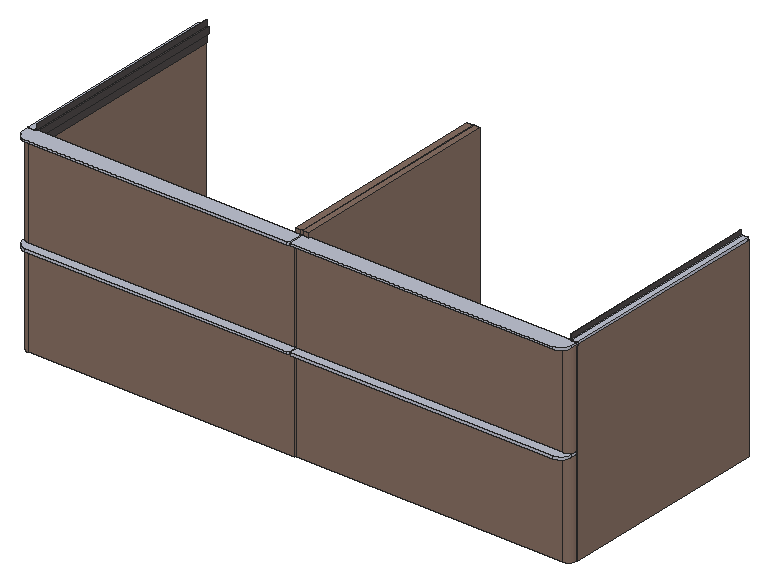
Revit family "vanity unit with 4 drawers for consoles with bowl", category Furniture, Revit 2019 (continued)
Definition of nested family "vanity unit 1360_550 with 4 drawers for consoles with bowl-54088700-natural oak-matt_white-200_content"
  Forms (mm)
    Extrusion 10, solid, visible <- "ContentVisible", detail levels coarse
      sketch origin (0, -285.5, 0) x (1, 0, 0) y (0, 1, 0)
        loop
          line (-680, -285.5) -> (680, -285.5) -> (680, 285.5) -> (-680, 285.5) -> (-680, -285.5)
      from 0 to 496
  Dimensions and locks
    aligned and locked: level to plane 2
Definition of nested family "vanity unit 1360_550 with 4 drawers for consoles with bowl-54088700-natural oak-matt_white-400_content"
  Parameters (values of type "Vanity unit 1360_550 with 4 drawers for consoles with bowl-54088700-Natural Oak-MATT_WHITE-400_Content")
    etim7_EC011381 = "EC011381"
    WEIGHT = "55.8"
    UNSPSC = "56 | Furniture and Furnishings"
    UNIFORMATII = "E2010 | Fixed Furnishings"
    UNICLASS_2015_CODE = "40_30_78_05"
    UNICLASS2015 = "Pr_40_30_78_05 | Bathroom furniture"
    SURFACE = "MATT_WHITE"
    REGIONSET = "Worldwide"
    PRODUCTURL = "https://pro.hansgrohe.com/articledetail--54088000"
    PRODUCTGROUP = "vanity unit"
    PRODUCTFAMILY = "Xelu Q"
    PERMALINK = "54088XXX"
    OMNICLASS = "23-21 19 15 33 13 | Residential Bathroom Specialty Casework"
    OBJECTTYPE = "Object (single object)"
    OBERFLAECHE = "Natural Oak"
    NN = "Vanity Unit with 4 Drawers for consoles with bowl"
    NBSYN = "$BASENUMBER.-$ARTNR.-$OBERFLAECHE.-$SURFACE.-$LODLEVEL."
    NB = "Vanity unit 1360/550 with 4 drawers for consoles with bowl-54088700-Natural Oak-MATT_WHITE-400"
    NAME = "Xelu Q Vanity unit Natural Oak 1360/550 with 4 drawers for consoles with bowl"
    Model = "Vanity unit 1360/550 with 4 drawers for consoles with bowl-54088700-Natural Oak-MATT_WHITE-400"
    Manufacturer = "Hansgrohe"
    MASTERFORMAT = "12 35 30.23 | Bathroom Casework"
    LODLEVEL = "400"
    LINA = "Vanity unit 1360/550 with 4 drawers for consoles with bowl-54088700-Natural Oak-MATT_WHITE-400"
    L = 1360
    IFC = "Furnishing element"
    GTINCODE = "4059625456910"
    ETIM = "EC011381 | Bathroom furniture set"
    Default Elevation = 1219.2 mm
    DESIGN = "Germany"
    ContentVisible [instance] = yes
    CATALOG = "Hansgrohe"
    BIMOBJECT = "Sanitary: Compound units"
    BASENUMBER = "Vanity unit 1360/550 with 4 drawers for consoles with bowl"
    ARTNR = "54088700"
  Reference planes
    plane 1 "Center (Front/Back)": y = 0
    plane 2: z = 0
    plane 3 "Center (Left/Right)": x = 0
  Forms (mm)
    Extrusion 1, solid, visible <- "ContentVisible", detail levels medium+fine
      sketch origin (0, 0, 0) x (1, 0, 0) y (0, 1, 0)
        loop
          line (-680, 0) -> (-680, -527)
          arc (-680, -527) -> (-679.121, -529.121) -> (-677, -530) r 3
          line (-677, -530) -> (-664, -530) -> (-664, 0) -> (-680, 0)
      from 0 to 480
    Extrusion 2, solid, visible <- "ContentVisible", detail levels medium+fine
      sketch origin (0, 0, 0) x (1, 0, 0) y (0, 1, 0)
        loop
          line (-664, -133) -> (-664, -499.5) -> (-16, -499.5) -> (-16, -133) -> (-664, -133)
      from 0 to 16
    Extrusion 3, solid, visible <- "ContentVisible", detail levels medium+fine
      sketch origin (0, 0, 0) x (1, 0, 0) y (0, 1, 0)
        loop
          line (-16, 0) -> (-16, -530) -> (-3, -530)
          arc (-3, -530) -> (-0.879, -529.121) -> (0, -527) r 3
          line (0, -527) -> (0, 0) -> (-16, 0)
      from 0 to 496
    Extrusion 4, solid, visible <- "ContentVisible", detail levels medium+fine
      sketch origin (0, 0, 0) x (1, 0, 0) y (0, 1, 0)
        loop
          line (0, 0) -> (0, -527)
          arc (0, -527) -> (0.879, -529.121) -> (3, -530) r 3
          line (3, -530) -> (16, -530) -> (16, 0) -> (0, 0)
      from 0 to 496
    Extrusion 5, solid, visible <- "ContentVisible", detail levels medium+fine
      sketch origin (0, 0, 0) x (1, 0, 0) y (0, 1, 0)
        loop
          line (16, -499.5) -> (664, -499.5) -> (664, -133) -> (16, -133) -> (16, -499.5)
      from 0 to 16
    Extrusion 6, solid, visible <- "ContentVisible", detail levels medium+fine
      sketch origin (0, 0, 0) x (1, 0, 0) y (0, 1, 0)
        loop
          line (664, 0) -> (664, -530) -> (677, -530)
          arc (677, -530) -> (679.121, -529.121) -> (680, -527) r 3
          line (680, -527) -> (680, 0) -> (664, 0)
      from 0 to 480
    Extrusion 7, solid, visible <- "ContentVisible", detail levels medium+fine
      sketch origin (0, 0, 0) x (1, 0, 0) y (0, 1, 0)
        loop
          line (-664, -117) -> (-664, -133) -> (664, -133) -> (664, -117) -> (-664, -117)
      from 0 to 126
    Extrusion 8, solid, visible <- "ContentVisible", detail levels medium+fine
      sketch origin (0, 0, 2) x (1, 0, 0) y (0, 1, 0)
        loop
          arc (-680, -532) -> (-674.435, -545.435) -> (-661, -551) r 19
          line (-661, -551) -> (-2.5, -551)
          arc (-2.5, -551) -> (-1.793, -550.707) -> (-1.5, -550) r 1
          line (-1.5, -550) -> (-1.5, -530) -> (-680, -530) -> (-680, -532)
      from 0 to 235
    Extrusion 9, solid, visible <- "ContentVisible", detail levels medium+fine
      sketch origin (0, 0, 2) x (1, 0, 0) y (0, 1, 0)
        loop
          arc (1.5, -550) -> (1.793, -550.707) -> (2.5, -551) r 1
          line (2.5, -551) -> (661, -551)
          arc (661, -551) -> (674.435, -545.435) -> (680, -532) r 19
          line (680, -532) -> (680, -530) -> (1.5, -530) -> (1.5, -550)
      from 0 to 235
    Extrusion 10, solid, visible <- "ContentVisible", detail levels medium+fine
      sketch origin (0, 0, 237) x (1, 0, 0) y (0, 1, 0)
        loop
          line (-678.5, -530) -> (-678.5, -546)
          arc (-678.5, -546) -> (-671.178, -563.678) -> (-653.5, -571) r 25
          line (-653.5, -571) -> (-4.5, -571)
          arc (-4.5, -571) -> (-2.379, -570.121) -> (-1.5, -568) r 3
          line (-1.5, -568) -> (-1.5, -528.5) -> (-658.5, -528.5) -> (-658.5, -530) -> (-678.5, -530)
      from 0 to 5
    Extrusion 11, solid, visible <- "ContentVisible", detail levels medium+fine
      sketch origin (0, 0, 237) x (1, 0, 0) y (0, 1, 0)
        loop
          arc (1.5, -568) -> (2.379, -570.121) -> (4.5, -571) r 3
          line (4.5, -571) -> (653.5, -571)
          arc (653.5, -571) -> (671.178, -563.678) -> (678.5, -546) r 25
          line (678.5, -546) -> (678.5, -530) -> (658.5, -530) -> (658.5, -528.5) -> (1.5, -528.5) -> (1.5, -568)
      from 0 to 5
    Extrusion 12, solid, visible <- "ContentVisible", detail levels medium+fine
      sketch origin (0, 0, 245) x (1, 0, 0) y (0, 1, 0)
        loop
          arc (-680, -532) -> (-674.435, -545.435) -> (-661, -551) r 19
          line (-661, -551) -> (-2.5, -551)
          arc (-2.5, -551) -> (-1.793, -550.707) -> (-1.5, -550) r 1
          line (-1.5, -550) -> (-1.5, -530) -> (-680, -530) -> (-680, -532)
      from 0 to 235
    Extrusion 13, solid, visible <- "ContentVisible", detail levels medium+fine
      sketch origin (0, 0, 245) x (1, 0, 0) y (0, 1, 0)
        loop
          arc (1.5, -550) -> (1.793, -550.707) -> (2.5, -551) r 1
          line (2.5, -551) -> (661, -551)
          arc (661, -551) -> (674.435, -545.435) -> (680, -532) r 19
          line (680, -532) -> (680, -530) -> (1.5, -530) -> (1.5, -550)
      from 0 to 235
    Extrusion 14, solid, visible <- "ContentVisible", detail levels medium+fine
      sketch origin (0, 0, 480) x (1, 0, 0) y (0, 1, 0)
        loop
          line (-678.5, -530) -> (-678.5, -546)
          arc (-678.5, -546) -> (-671.178, -563.678) -> (-653.5, -571) r 25
          line (-653.5, -571) -> (-4.5, -571)
          arc (-4.5, -571) -> (-2.379, -570.121) -> (-1.5, -568) r 3
          line (-1.5, -568) -> (-1.5, -528.5) -> (-658.5, -528.5) -> (-658.5, -530) -> (-678.5, -530)
      from 0 to 5
    Extrusion 15, solid, visible <- "ContentVisible", detail levels medium+fine
      sketch origin (0, 0, 480) x (1, 0, 0) y (0, 1, 0)
        loop
          arc (1.5, -568) -> (2.379, -570.121) -> (4.5, -571) r 3
          line (4.5, -571) -> (653.5, -571)
          arc (653.5, -571) -> (671.178, -563.678) -> (678.5, -546) r 25
          line (678.5, -546) -> (678.5, -530) -> (658.5, -530) -> (658.5, -528.5) -> (1.5, -528.5) -> (1.5, -568)
      from 0 to 5
    Extrusion 16, solid, visible <- "ContentVisible", detail levels medium+fine
      sketch origin (-1.5, 0, 0) x (0, 0, -1) y (0, 1, 0)
        loop
          line (-480, -528.5) -> (-480, -530) -> (-450, -530) -> (-450, -528.5) -> (-480, -528.5)
      from -664 to 664
    Extrusion 17, solid, visible <- "ContentVisible", detail levels medium+fine
      sketch origin (-1.5, 0, 0) x (0, 0, -1) y (0, 1, 0)
        loop
          line (-242, -528.5) -> (-242, -530) -> (-212, -530) -> (-212, -528.5) -> (-242, -528.5)
      from -664 to 664
    Extrusion 18, solid, visible <- "ContentVisible", detail levels medium+fine
      sketch origin (1.5, 0, 0) x (0, 0, -1) y (0, 1, 0)
        loop
          line (-480, -528.5) -> (-480, -530) -> (-450, -530) -> (-450, -528.5) -> (-480, -528.5)
      from 0 to 664
    Extrusion 19, solid, visible <- "ContentVisible", detail levels medium+fine
      sketch origin (0, 0, 0) x (1, 0, 0) y (0, 0, -1)
        loop
          line (-664, -447) -> (-664, -485) -> (-662.5, -485) -> (-662.5, -447) -> (-664, -447)
      from -528.5 to 0
    Extrusion 20, solid, visible <- "ContentVisible", detail levels medium+fine
      sketch origin (0, 0, 0) x (1, 0, 0) y (0, 0, -1)
        loop
          line (662.5, -446.8) -> (662.5, -485) -> (664, -485) -> (664, -446.8) -> (662.5, -446.8)
      from -528.5 to 0
    Extrusion 21, solid, visible <- "ContentVisible", detail levels medium+fine
      sketch origin (0, 0, 480) x (1, 0, 0) y (0, 1, 0)
        loop
          line (-680, -3) -> (-680, -527)
          arc (-680, -527) -> (-679.121, -529.121) -> (-677, -530) r 3
          line (-677, -530) -> (-664, -530) -> (-664, 0) -> (-677, 0)
          arc (-677, 0) -> (-679.121, -0.879) -> (-680, -3) r 3
      from 0 to 5
    Extrusion 22, solid, visible <- "ContentVisible", detail levels medium+fine
      sketch origin (0, 0, 480) x (1, 0, 0) y (0, 1, 0)
        loop
          line (664, 0) -> (664, -530) -> (677, -530)
          arc (677, -530) -> (679.121, -529.121) -> (680, -527) r 3
          line (680, -527) -> (680, -3)
          arc (680, -3) -> (679.121, -0.879) -> (677, 0) r 3
          line (677, 0) -> (664, 0)
      from 0 to 5
    Extrusion 23, solid, visible <- "ContentVisible", detail levels medium+fine
      sketch origin (0, 0, 0) x (1, 0, 0) y (0, 0, -1)
        loop
          line (-662.5, -447) -> (-662.5, -496) -> (-661, -496) -> (-661, -483) -> (-656.4, -483) -> (-656.4, -468.5) -> (-661, -468.5) -> (-661, -447) -> (-662.5, -447)
      from -525 to 0
    Extrusion 24, solid, visible <- "ContentVisible", detail levels medium+fine
      sketch origin (0, 0, 0) x (1, 0, 0) y (0, 0, -1)
        loop
          line (656.4, -468.5) -> (656.4, -483) -> (661, -483) -> (661, -496) -> (662.5, -496) -> (662.5, -447) -> (661, -447) -> (661, -468.5) -> (656.4, -468.5)
      from -525 to 0
    Extrusion 25, solid, visible <- "ContentVisible", detail levels coarse
      sketch origin (0, -285.5, 0) x (1, 0, 0) y (0, 1, 0)
        loop
          line (-680, -285.5) -> (680, -285.5) -> (680, 285.5) -> (-680, 285.5) -> (-680, -285.5)
      from 0 to 496
  Dimensions and locks
    aligned and locked: level to plane 2
Definition of nested family "vanity unit 1360_550 with 4 drawers for consoles with bowl-54089000-dark walnut-chrome-200_content"
  Parameters (values of type "Vanity unit 1360_550 with 4 drawers for consoles with bowl-54089000-Dark Walnut-CHROME-200_Content")
    etim7_EC011381 = "EC011381"
    WEIGHT = "55.8"
    UNSPSC = "56 | Furniture and Furnishings"
    UNIFORMATII = "E2010 | Fixed Furnishings"
    UNICLASS_2015_CODE = "40_30_78_05"
    UNICLASS2015 = "Pr_40_30_78_05 | Bathroom furniture"
    SURFACE = "CHROME"
    REGIONSET = "Worldwide"
    PRODUCTURL = "https://pro.hansgrohe.com/articledetail--54089000"
    PRODUCTGROUP = "vanity unit"
    PRODUCTFAMILY = "Xelu Q"
    PERMALINK = "54089XXX"
    OMNICLASS = "23-21 19 15 33 13 | Residential Bathroom Specialty Casework"
    OBJECTTYPE = "Object (single object)"
    OBERFLAECHE = "Dark Walnut"
    NN = "Vanity Unit with 4 Drawers for consoles with bowl"
    NBSYN = "$BASENUMBER.-$ARTNR.-$OBERFLAECHE.-$SURFACE.-$LODLEVEL."
    NB = "Vanity unit 1360/550 with 4 drawers for consoles with bowl-54089000-Dark Walnut-CHROME-200"
    NAME = "Xelu Q Vanity unit Dark Walnut 1360/550 with 4 drawers for consoles with bowl"
    Model = "Vanity unit 1360/550 with 4 drawers for consoles with bowl-54089000-Dark Walnut-CHROME-200"
    Manufacturer = "Hansgrohe"
    MASTERFORMAT = "12 35 30.23 | Bathroom Casework"
    LODLEVEL = "200"
    LINA = "Vanity unit 1360/550 with 4 drawers for consoles with bowl-54089000-Dark Walnut-CHROME-200"
    L = 1360
    IFC = "Furnishing element"
    GTINCODE = "4059625456880"
    ETIM = "EC011381 | Bathroom furniture set"
    Default Elevation = 1219.2 mm
    DESIGN = "Germany"
    ContentVisible [instance] = yes
    CATALOG = "Hansgrohe"
    BIMOBJECT = "Sanitary: Compound units"
    BASENUMBER = "Vanity unit 1360/550 with 4 drawers for consoles with bowl"
    ARTNR = "54089000"
  Reference planes
    plane 1 "Center (Front/Back)": y = 0
    plane 2: z = 0
    plane 3 "Center (Left/Right)": x = 0
  Forms (mm)
    Extrusion 1, solid, visible <- "ContentVisible", detail levels medium+fine
      sketch origin (0, 0, 0) x (1, 0, 0) y (0, 1, 0)
        loop
          line (-680, 0) -> (-680, -551) -> (680, -551) -> (680, 0) -> (664, 0) -> (664, -117) -> (-664, -117) -> (-664, 0) -> (-680, 0)
      from 0 to 480
    Extrusion 2, solid, visible <- "ContentVisible", detail levels medium+fine
      sketch origin (0, 0, 480) x (1, 0, 0) y (0, 1, 0)
        loop
          line (-678.5, -528.5) -> (-678.5, -571) -> (678.5, -571) -> (678.5, -528.5) -> (-678.5, -528.5)
      from 0 to 5
    Extrusion 3, solid, visible <- "ContentVisible", detail levels medium+fine
      sketch origin (0, 0, 237) x (1, 0, 0) y (0, 1, 0)
        loop
          line (-678.5, -528.5) -> (-678.5, -571) -> (678.5, -571) -> (678.5, -528.5) -> (-678.5, -528.5)
      from 0 to 5
    Extrusion 4, solid, visible <- "ContentVisible", detail levels medium+fine
      sketch origin (0, 0, 0) x (1, 0, 0) y (0, 0, -1)
        loop
          line (-664, -447) -> (-664, -485) -> (-662.5, -485) -> (-662.5, -447) -> (-664, -447)
      from -528.5 to 0
    Extrusion 5, solid, visible <- "ContentVisible", detail levels medium+fine
      sketch origin (0, 0, 0) x (1, 0, 0) y (0, 0, -1)
        loop
          line (662.5, -446.8) -> (662.5, -485) -> (664, -485) -> (664, -446.8) -> (662.5, -446.8)
      from -528.5 to 0
    Extrusion 6, solid, visible <- "ContentVisible", detail levels medium+fine
      sketch origin (0, 0, 480) x (1, 0, 0) y (0, 1, 0)
        loop
          line (-680, 0) -> (-680, -530) -> (-664, -530) -> (-664, 0) -> (-680, 0)
      from 0 to 5
    Extrusion 7, solid, visible <- "ContentVisible", detail levels medium+fine
      sketch origin (0, 0, 480) x (1, 0, 0) y (0, 1, 0)
        loop
          line (664, 0) -> (664, -530) -> (680, -530) -> (680, 0) -> (664, 0)
      from 0 to 5
    Extrusion 8, solid, visible <- "ContentVisible", detail levels medium+fine
      sketch origin (0, 0, 0) x (1, 0, 0) y (0, 0, -1)
        loop
          line (-662.5, -447) -> (-662.5, -496) -> (-656.4, -496) -> (-656.4, -447) -> (-662.5, -447)
      from -528.5 to 0
    Extrusion 9, solid, visible <- "ContentVisible", detail levels medium+fine
      sketch origin (0, 0, 0) x (1, 0, 0) y (0, 0, -1)
        loop
          line (656.4, -447) -> (656.4, -496) -> (662.5, -496) -> (662.5, -447) -> (656.4, -447)
      from -528.5 to 0
    Extrusion 10, solid, visible <- "ContentVisible", detail levels coarse
      sketch origin (0, -285.5, 0) x (1, 0, 0) y (0, 1, 0)
        loop
          line (-680, -285.5) -> (680, -285.5) -> (680, 285.5) -> (-680, 285.5) -> (-680, -285.5)
      from 0 to 496
  Dimensions and locks
    aligned and locked: level to plane 2
Definition of nested family "vanity unit 1360_550 with 4 drawers for consoles with bowl-54089670-dark walnut-matt_black-200_content"
  Parameters (values of type "Vanity unit 1360_550 with 4 drawers for consoles with bowl-54089670-Dark Walnut-MATT_BLACK-200_Content")
    etim7_EC011381 = "EC011381"
    WEIGHT = "55.8"
    UNSPSC = "56 | Furniture and Furnishings"
    UNIFORMATII = "E2010 | Fixed Furnishings"
    UNICLASS_2015_CODE = "40_30_78_05"
    UNICLASS2015 = "Pr_40_30_78_05 | Bathroom furniture"
    SURFACE = "MATT_BLACK"
    REGIONSET = "Worldwide"
    PRODUCTURL = "https://pro.hansgrohe.com/articledetail--54089000"
    PRODUCTGROUP = "vanity unit"
    PRODUCTFAMILY = "Xelu Q"
    PERMALINK = "54089XXX"
    OMNICLASS = "23-21 19 15 33 13 | Residential Bathroom Specialty Casework"
    OBJECTTYPE = "Object (single object)"
    OBERFLAECHE = "Dark Walnut"
    NN = "Vanity Unit with 4 Drawers for consoles with bowl"
    NBSYN = "$BASENUMBER.-$ARTNR.-$OBERFLAECHE.-$SURFACE.-$LODLEVEL."
    NB = "Vanity unit 1360/550 with 4 drawers for consoles with bowl-54089670-Dark Walnut-MATT_BLACK-200"
    NAME = "Xelu Q Vanity unit Dark Walnut 1360/550 with 4 drawers for consoles with bowl"
    Model = "Vanity unit 1360/550 with 4 drawers for consoles with bowl-54089670-Dark Walnut-MATT_BLACK-200"
    Manufacturer = "Hansgrohe"
    MASTERFORMAT = "12 35 30.23 | Bathroom Casework"
    LODLEVEL = "200"
    LINA = "Vanity unit 1360/550 with 4 drawers for consoles with bowl-54089670-Dark Walnut-MATT_BLACK-200"
    L = 1360
    IFC = "Furnishing element"
    GTINCODE = "4059625456880"
    ETIM = "EC011381 | Bathroom furniture set"
    Default Elevation = 1219.2 mm
    DESIGN = "Germany"
    ContentVisible [instance] = yes
    CATALOG = "Hansgrohe"
    BIMOBJECT = "Sanitary: Compound units"
    BASENUMBER = "Vanity unit 1360/550 with 4 drawers for consoles with bowl"
    ARTNR = "54089670"
  Reference planes
    plane 1 "Center (Front/Back)": y = 0
    plane 2: z = 0
    plane 3 "Center (Left/Right)": x = 0
  Forms (mm)
    Extrusion 1, solid, visible <- "ContentVisible", detail levels medium+fine
      sketch origin (0, 0, 0) x (1, 0, 0) y (0, 1, 0)
        loop
          line (-680, 0) -> (-680, -551) -> (680, -551) -> (680, 0) -> (664, 0) -> (664, -117) -> (-664, -117) -> (-664, 0) -> (-680, 0)
      from 0 to 480
    Extrusion 2, solid, visible <- "ContentVisible", detail levels medium+fine
      sketch origin (0, 0, 480) x (1, 0, 0) y (0, 1, 0)
        loop
          line (-678.5, -528.5) -> (-678.5, -571) -> (678.5, -571) -> (678.5, -528.5) -> (-678.5, -528.5)
      from 0 to 5
    Extrusion 3, solid, visible <- "ContentVisible", detail levels medium+fine
      sketch origin (0, 0, 237) x (1, 0, 0) y (0, 1, 0)
        loop
          line (-678.5, -528.5) -> (-678.5, -571) -> (678.5, -571) -> (678.5, -528.5) -> (-678.5, -528.5)
      from 0 to 5
    Extrusion 4, solid, visible <- "ContentVisible", detail levels medium+fine
      sketch origin (0, 0, 0) x (1, 0, 0) y (0, 0, -1)
        loop
          line (-664, -447) -> (-664, -485) -> (-662.5, -485) -> (-662.5, -447) -> (-664, -447)
      from -528.5 to 0
    Extrusion 5, solid, visible <- "ContentVisible", detail levels medium+fine
      sketch origin (0, 0, 0) x (1, 0, 0) y (0, 0, -1)
        loop
          line (662.5, -446.8) -> (662.5, -485) -> (664, -485) -> (664, -446.8) -> (662.5, -446.8)
      from -528.5 to 0
    Extrusion 6, solid, visible <- "ContentVisible", detail levels medium+fine
      sketch origin (0, 0, 480) x (1, 0, 0) y (0, 1, 0)
        loop
          line (-680, 0) -> (-680, -530) -> (-664, -530) -> (-664, 0) -> (-680, 0)
      from 0 to 5
    Extrusion 7, solid, visible <- "ContentVisible", detail levels medium+fine
      sketch origin (0, 0, 480) x (1, 0, 0) y (0, 1, 0)
        loop
          line (664, 0) -> (664, -530) -> (680, -530) -> (680, 0) -> (664, 0)
      from 0 to 5
    Extrusion 8, solid, visible <- "ContentVisible", detail levels medium+fine
      sketch origin (0, 0, 0) x (1, 0, 0) y (0, 0, -1)
        loop
          line (-662.5, -447) -> (-662.5, -496) -> (-656.4, -496) -> (-656.4, -447) -> (-662.5, -447)
      from -528.5 to 0
    Extrusion 9, solid, visible <- "ContentVisible", detail levels medium+fine
      sketch origin (0, 0, 0) x (1, 0, 0) y (0, 0, -1)
        loop
          line (656.4, -447) -> (656.4, -496) -> (662.5, -496) -> (662.5, -447) -> (656.4, -447)
      from -528.5 to 0
    Extrusion 10, solid, visible <- "ContentVisible", detail levels coarse
      sketch origin (0, -285.5, 0) x (1, 0, 0) y (0, 1, 0)
        loop
          line (-680, -285.5) -> (680, -285.5) -> (680, 285.5) -> (-680, 285.5) -> (-680, -285.5)
      from 0 to 496
  Dimensions and locks
    aligned and locked: level to plane 2
Definition of nested family "vanity unit 1360_550 with 4 drawers for consoles with bowl-54089670-dark walnut-matt_black-400_content"
  Parameters (values of type "Vanity unit 1360_550 with 4 drawers for consoles with bowl-54089670-Dark Walnut-MATT_BLACK-400_Content")
    etim7_EC011381 = "EC011381"
    WEIGHT = "55.8"
    UNSPSC = "56 | Furniture and Furnishings"
    UNIFORMATII = "E2010 | Fixed Furnishings"
    UNICLASS_2015_CODE = "40_30_78_05"
    UNICLASS2015 = "Pr_40_30_78_05 | Bathroom furniture"
    SURFACE = "MATT_BLACK"
    REGIONSET = "Worldwide"
    PRODUCTURL = "https://pro.hansgrohe.com/articledetail--54089000"
    PRODUCTGROUP = "vanity unit"
    PRODUCTFAMILY = "Xelu Q"
    PERMALINK = "54089XXX"
    OMNICLASS = "23-21 19 15 33 13 | Residential Bathroom Specialty Casework"
    OBJECTTYPE = "Object (single object)"
    OBERFLAECHE = "Dark Walnut"
    NN = "Vanity Unit with 4 Drawers for consoles with bowl"
    NBSYN = "$BASENUMBER.-$ARTNR.-$OBERFLAECHE.-$SURFACE.-$LODLEVEL."
    NB = "Vanity unit 1360/550 with 4 drawers for consoles with bowl-54089670-Dark Walnut-MATT_BLACK-400"
    NAME = "Xelu Q Vanity unit Dark Walnut 1360/550 with 4 drawers for consoles with bowl"
    Model = "Vanity unit 1360/550 with 4 drawers for consoles with bowl-54089670-Dark Walnut-MATT_BLACK-400"
    Manufacturer = "Hansgrohe"
    MASTERFORMAT = "12 35 30.23 | Bathroom Casework"
    LODLEVEL = "400"
    LINA = "Vanity unit 1360/550 with 4 drawers for consoles with bowl-54089670-Dark Walnut-MATT_BLACK-400"
    L = 1360
    IFC = "Furnishing element"
    GTINCODE = "4059625456880"
    ETIM = "EC011381 | Bathroom furniture set"
    Default Elevation = 1219.2 mm
    DESIGN = "Germany"
    ContentVisible [instance] = yes
    CATALOG = "Hansgrohe"
    BIMOBJECT = "Sanitary: Compound units"
    BASENUMBER = "Vanity unit 1360/550 with 4 drawers for consoles with bowl"
    ARTNR = "54089670"
  Reference planes
    plane 1 "Center (Front/Back)": y = 0
    plane 2: z = 0
    plane 3 "Center (Left/Right)": x = 0
  Forms (mm)
    Extrusion 1, solid, visible <- "ContentVisible", detail levels medium+fine
      sketch origin (0, 0, 0) x (1, 0, 0) y (0, 1, 0)
        loop
          line (-680, 0) -> (-680, -527)
          arc (-680, -527) -> (-679.121, -529.121) -> (-677, -530) r 3
          line (-677, -530) -> (-664, -530) -> (-664, 0) -> (-680, 0)
      from 0 to 480
    Extrusion 2, solid, visible <- "ContentVisible", detail levels medium+fine
      sketch origin (0, 0, 0) x (1, 0, 0) y (0, 1, 0)
        loop
          line (-664, -133) -> (-664, -499.5) -> (-16, -499.5) -> (-16, -133) -> (-664, -133)
      from 0 to 16
    Extrusion 3, solid, visible <- "ContentVisible", detail levels medium+fine
      sketch origin (0, 0, 0) x (1, 0, 0) y (0, 1, 0)
        loop
          line (-16, 0) -> (-16, -530) -> (-3, -530)
          arc (-3, -530) -> (-0.879, -529.121) -> (0, -527) r 3
          line (0, -527) -> (0, 0) -> (-16, 0)
      from 0 to 496
    Extrusion 4, solid, visible <- "ContentVisible", detail levels medium+fine
      sketch origin (0, 0, 0) x (1, 0, 0) y (0, 1, 0)
        loop
          line (0, 0) -> (0, -527)
          arc (0, -527) -> (0.879, -529.121) -> (3, -530) r 3
          line (3, -530) -> (16, -530) -> (16, 0) -> (0, 0)
      from 0 to 496
    Extrusion 5, solid, visible <- "ContentVisible", detail levels medium+fine
      sketch origin (0, 0, 0) x (1, 0, 0) y (0, 1, 0)
        loop
          line (16, -499.5) -> (664, -499.5) -> (664, -133) -> (16, -133) -> (16, -499.5)
      from 0 to 16
    Extrusion 6, solid, visible <- "ContentVisible", detail levels medium+fine
      sketch origin (0, 0, 0) x (1, 0, 0) y (0, 1, 0)
        loop
          line (664, 0) -> (664, -530) -> (677, -530)
          arc (677, -530) -> (679.121, -529.121) -> (680, -527) r 3
          line (680, -527) -> (680, 0) -> (664, 0)
      from 0 to 480
    Extrusion 7, solid, visible <- "ContentVisible", detail levels medium+fine
      sketch origin (0, 0, 0) x (1, 0, 0) y (0, 1, 0)
        loop
          line (-664, -117) -> (-664, -133) -> (664, -133) -> (664, -117) -> (-664, -117)
      from 0 to 126
    Extrusion 8, solid, visible <- "ContentVisible", detail levels medium+fine
      sketch origin (0, 0, 2) x (1, 0, 0) y (0, 1, 0)
        loop
          arc (-680, -532) -> (-674.435, -545.435) -> (-661, -551) r 19
          line (-661, -551) -> (-2.5, -551)
          arc (-2.5, -551) -> (-1.793, -550.707) -> (-1.5, -550) r 1
          line (-1.5, -550) -> (-1.5, -530) -> (-680, -530) -> (-680, -532)
      from 0 to 235
    Extrusion 9, solid, visible <- "ContentVisible", detail levels medium+fine
      sketch origin (0, 0, 2) x (1, 0, 0) y (0, 1, 0)
        loop
          arc (1.5, -550) -> (1.793, -550.707) -> (2.5, -551) r 1
          line (2.5, -551) -> (661, -551)
          arc (661, -551) -> (674.435, -545.435) -> (680, -532) r 19
          line (680, -532) -> (680, -530) -> (1.5, -530) -> (1.5, -550)
      from 0 to 235
    Extrusion 10, solid, visible <- "ContentVisible", detail levels medium+fine
      sketch origin (0, 0, 237) x (1, 0, 0) y (0, 1, 0)
        loop
          line (-678.5, -530) -> (-678.5, -546)
          arc (-678.5, -546) -> (-671.178, -563.678) -> (-653.5, -571) r 25
          line (-653.5, -571) -> (-4.5, -571)
          arc (-4.5, -571) -> (-2.379, -570.121) -> (-1.5, -568) r 3
          line (-1.5, -568) -> (-1.5, -528.5) -> (-658.5, -528.5) -> (-658.5, -530) -> (-678.5, -530)
      from 0 to 5
    Extrusion 11, solid, visible <- "ContentVisible", detail levels medium+fine
      sketch origin (0, 0, 237) x (1, 0, 0) y (0, 1, 0)
        loop
          arc (1.5, -568) -> (2.379, -570.121) -> (4.5, -571) r 3
          line (4.5, -571) -> (653.5, -571)
          arc (653.5, -571) -> (671.178, -563.678) -> (678.5, -546) r 25
          line (678.5, -546) -> (678.5, -530) -> (658.5, -530) -> (658.5, -528.5) -> (1.5, -528.5) -> (1.5, -568)
      from 0 to 5
    Extrusion 12, solid, visible <- "ContentVisible", detail levels medium+fine
      sketch origin (0, 0, 245) x (1, 0, 0) y (0, 1, 0)
        loop
          arc (-680, -532) -> (-674.435, -545.435) -> (-661, -551) r 19
          line (-661, -551) -> (-2.5, -551)
          arc (-2.5, -551) -> (-1.793, -550.707) -> (-1.5, -550) r 1
          line (-1.5, -550) -> (-1.5, -530) -> (-680, -530) -> (-680, -532)
      from 0 to 235
    Extrusion 13, solid, visible <- "ContentVisible", detail levels medium+fine
      sketch origin (0, 0, 245) x (1, 0, 0) y (0, 1, 0)
        loop
          arc (1.5, -550) -> (1.793, -550.707) -> (2.5, -551) r 1
          line (2.5, -551) -> (661, -551)
          arc (661, -551) -> (674.435, -545.435) -> (680, -532) r 19
          line (680, -532) -> (680, -530) -> (1.5, -530) -> (1.5, -550)
      from 0 to 235
    Extrusion 14, solid, visible <- "ContentVisible", detail levels medium+fine
      sketch origin (0, 0, 480) x (1, 0, 0) y (0, 1, 0)
        loop
          line (-678.5, -530) -> (-678.5, -546)
          arc (-678.5, -546) -> (-671.178, -563.678) -> (-653.5, -571) r 25
          line (-653.5, -571) -> (-4.5, -571)
          arc (-4.5, -571) -> (-2.379, -570.121) -> (-1.5, -568) r 3
          line (-1.5, -568) -> (-1.5, -528.5) -> (-658.5, -528.5) -> (-658.5, -530) -> (-678.5, -530)
      from 0 to 5
    Extrusion 15, solid, visible <- "ContentVisible", detail levels medium+fine
      sketch origin (0, 0, 480) x (1, 0, 0) y (0, 1, 0)
        loop
          arc (1.5, -568) -> (2.379, -570.121) -> (4.5, -571) r 3
          line (4.5, -571) -> (653.5, -571)
          arc (653.5, -571) -> (671.178, -563.678) -> (678.5, -546) r 25
          line (678.5, -546) -> (678.5, -530) -> (658.5, -530) -> (658.5, -528.5) -> (1.5, -528.5) -> (1.5, -568)
      from 0 to 5
    Extrusion 16, solid, visible <- "ContentVisible", detail levels medium+fine
      sketch origin (-1.5, 0, 0) x (0, 0, -1) y (0, 1, 0)
        loop
          line (-480, -528.5) -> (-480, -530) -> (-450, -530) -> (-450, -528.5) -> (-480, -528.5)
      from -664 to 664
    Extrusion 17, solid, visible <- "ContentVisible", detail levels medium+fine
      sketch origin (-1.5, 0, 0) x (0, 0, -1) y (0, 1, 0)
        loop
          line (-242, -528.5) -> (-242, -530) -> (-212, -530) -> (-212, -528.5) -> (-242, -528.5)
      from -664 to 664
    Extrusion 18, solid, visible <- "ContentVisible", detail levels medium+fine
      sketch origin (1.5, 0, 0) x (0, 0, -1) y (0, 1, 0)
        loop
          line (-480, -528.5) -> (-480, -530) -> (-450, -530) -> (-450, -528.5) -> (-480, -528.5)
      from 0 to 664
    Extrusion 19, solid, visible <- "ContentVisible", detail levels medium+fine
      sketch origin (0, 0, 0) x (1, 0, 0) y (0, 0, -1)
        loop
          line (-664, -447) -> (-664, -485) -> (-662.5, -485) -> (-662.5, -447) -> (-664, -447)
      from -528.5 to 0
    Extrusion 20, solid, visible <- "ContentVisible", detail levels medium+fine
      sketch origin (0, 0, 0) x (1, 0, 0) y (0, 0, -1)
        loop
          line (662.5, -446.8) -> (662.5, -485) -> (664, -485) -> (664, -446.8) -> (662.5, -446.8)
      from -528.5 to 0
    Extrusion 21, solid, visible <- "ContentVisible", detail levels medium+fine
      sketch origin (0, 0, 480) x (1, 0, 0) y (0, 1, 0)
        loop
          line (-680, -3) -> (-680, -527)
          arc (-680, -527) -> (-679.121, -529.121) -> (-677, -530) r 3
          line (-677, -530) -> (-664, -530) -> (-664, 0) -> (-677, 0)
          arc (-677, 0) -> (-679.121, -0.879) -> (-680, -3) r 3
      from 0 to 5
    Extrusion 22, solid, visible <- "ContentVisible", detail levels medium+fine
      sketch origin (0, 0, 480) x (1, 0, 0) y (0, 1, 0)
        loop
          line (664, 0) -> (664, -530) -> (677, -530)
          arc (677, -530) -> (679.121, -529.121) -> (680, -527) r 3
          line (680, -527) -> (680, -3)
          arc (680, -3) -> (679.121, -0.879) -> (677, 0) r 3
          line (677, 0) -> (664, 0)
      from 0 to 5
    Extrusion 23, solid, visible <- "ContentVisible", detail levels medium+fine
      sketch origin (0, 0, 0) x (1, 0, 0) y (0, 0, -1)
        loop
          line (-662.5, -447) -> (-662.5, -496) -> (-661, -496) -> (-661, -483) -> (-656.4, -483) -> (-656.4, -468.5) -> (-661, -468.5) -> (-661, -447) -> (-662.5, -447)
      from -525 to 0
    Extrusion 24, solid, visible <- "ContentVisible", detail levels medium+fine
      sketch origin (0, 0, 0) x (1, 0, 0) y (0, 0, -1)
        loop
          line (656.4, -468.5) -> (656.4, -483) -> (661, -483) -> (661, -496) -> (662.5, -496) -> (662.5, -447) -> (661, -447) -> (661, -468.5) -> (656.4, -468.5)
      from -525 to 0
    Extrusion 25, solid, visible <- "ContentVisible", detail levels coarse
      sketch origin (0, -285.5, 0) x (1, 0, 0) y (0, 1, 0)
        loop
          line (-680, -285.5) -> (680, -285.5) -> (680, 285.5) -> (-680, 285.5) -> (-680, -285.5)
      from 0 to 496
  Dimensions and locks
    aligned and locked: level to plane 2
Definition of nested family "vanity unit 1360_550 with 4 drawers for consoles with bowl-54089700-dark walnut-matt_white-200_content"
  Parameters (values of type "Vanity unit 1360_550 with 4 drawers for consoles with bowl-54089700-Dark Walnut-MATT_WHITE-200_Content")
    etim7_EC011381 = "EC011381"
    WEIGHT = "55.8"
    UNSPSC = "56 | Furniture and Furnishings"
    UNIFORMATII = "E2010 | Fixed Furnishings"
    UNICLASS_2015_CODE = "40_30_78_05"
    UNICLASS2015 = "Pr_40_30_78_05 | Bathroom furniture"
    SURFACE = "MATT_WHITE"
    REGIONSET = "Worldwide"
    PRODUCTURL = "https://pro.hansgrohe.com/articledetail--54089000"
    PRODUCTGROUP = "vanity unit"
    PRODUCTFAMILY = "Xelu Q"
    PERMALINK = "54089XXX"
    OMNICLASS = "23-21 19 15 33 13 | Residential Bathroom Specialty Casework"
    OBJECTTYPE = "Object (single object)"
    OBERFLAECHE = "Dark Walnut"
    NN = "Vanity Unit with 4 Drawers for consoles with bowl"
    NBSYN = "$BASENUMBER.-$ARTNR.-$OBERFLAECHE.-$SURFACE.-$LODLEVEL."
    NB = "Vanity unit 1360/550 with 4 drawers for consoles with bowl-54089700-Dark Walnut-MATT_WHITE-200"
    NAME = "Xelu Q Vanity unit Dark Walnut 1360/550 with 4 drawers for consoles with bowl"
    Model = "Vanity unit 1360/550 with 4 drawers for consoles with bowl-54089700-Dark Walnut-MATT_WHITE-200"
    Manufacturer = "Hansgrohe"
    MASTERFORMAT = "12 35 30.23 | Bathroom Casework"
    LODLEVEL = "200"
    LINA = "Vanity unit 1360/550 with 4 drawers for consoles with bowl-54089700-Dark Walnut-MATT_WHITE-200"
    L = 1360
    IFC = "Furnishing element"
    GTINCODE = "4059625456880"
    ETIM = "EC011381 | Bathroom furniture set"
    Default Elevation = 1219.2 mm
    DESIGN = "Germany"
    ContentVisible [instance] = yes
    CATALOG = "Hansgrohe"
    BIMOBJECT = "Sanitary: Compound units"
    BASENUMBER = "Vanity unit 1360/550 with 4 drawers for consoles with bowl"
    ARTNR = "54089700"
  Reference planes
    plane 1 "Center (Front/Back)": y = 0
    plane 2: z = 0
    plane 3 "Center (Left/Right)": x = 0
  Forms (mm)
    Extrusion 1, solid, visible <- "ContentVisible", detail levels medium+fine
      sketch origin (0, 0, 0) x (1, 0, 0) y (0, 1, 0)
        loop
          line (-680, 0) -> (-680, -551) -> (680, -551) -> (680, 0) -> (664, 0) -> (664, -117) -> (-664, -117) -> (-664, 0) -> (-680, 0)
      from 0 to 480
    Extrusion 2, solid, visible <- "ContentVisible", detail levels medium+fine
      sketch origin (0, 0, 480) x (1, 0, 0) y (0, 1, 0)
        loop
          line (-678.5, -528.5) -> (-678.5, -571) -> (678.5, -571) -> (678.5, -528.5) -> (-678.5, -528.5)
      from 0 to 5
    Extrusion 3, solid, visible <- "ContentVisible", detail levels medium+fine
      sketch origin (0, 0, 237) x (1, 0, 0) y (0, 1, 0)
        loop
          line (-678.5, -528.5) -> (-678.5, -571) -> (678.5, -571) -> (678.5, -528.5) -> (-678.5, -528.5)
      from 0 to 5
    Extrusion 4, solid, visible <- "ContentVisible", detail levels medium+fine
      sketch origin (0, 0, 0) x (1, 0, 0) y (0, 0, -1)
        loop
          line (-664, -447) -> (-664, -485) -> (-662.5, -485) -> (-662.5, -447) -> (-664, -447)
      from -528.5 to 0
    Extrusion 5, solid, visible <- "ContentVisible", detail levels medium+fine
      sketch origin (0, 0, 0) x (1, 0, 0) y (0, 0, -1)
        loop
          line (662.5, -446.8) -> (662.5, -485) -> (664, -485) -> (664, -446.8) -> (662.5, -446.8)
      from -528.5 to 0
    Extrusion 6, solid, visible <- "ContentVisible", detail levels medium+fine
      sketch origin (0, 0, 480) x (1, 0, 0) y (0, 1, 0)
        loop
          line (-680, 0) -> (-680, -530) -> (-664, -530) -> (-664, 0) -> (-680, 0)
      from 0 to 5
    Extrusion 7, solid, visible <- "ContentVisible", detail levels medium+fine
      sketch origin (0, 0, 480) x (1, 0, 0) y (0, 1, 0)
        loop
          line (664, 0) -> (664, -530) -> (680, -530) -> (680, 0) -> (664, 0)
      from 0 to 5
    Extrusion 8, solid, visible <- "ContentVisible", detail levels medium+fine
      sketch origin (0, 0, 0) x (1, 0, 0) y (0, 0, -1)
        loop
          line (-662.5, -447) -> (-662.5, -496) -> (-656.4, -496) -> (-656.4, -447) -> (-662.5, -447)
      from -528.5 to 0
    Extrusion 9, solid, visible <- "ContentVisible", detail levels medium+fine
      sketch origin (0, 0, 0) x (1, 0, 0) y (0, 0, -1)
        loop
          line (656.4, -447) -> (656.4, -496) -> (662.5, -496) -> (662.5, -447) -> (656.4, -447)
      from -528.5 to 0
    Extrusion 10, solid, visible <- "ContentVisible", detail levels coarse
      sketch origin (0, -285.5, 0) x (1, 0, 0) y (0, 1, 0)
        loop
          line (-680, -285.5) -> (680, -285.5) -> (680, 285.5) -> (-680, 285.5) -> (-680, -285.5)
      from 0 to 496
  Dimensions and locks
    aligned and locked: level to plane 2
Definition of nested family "vanity unit 1360_550 with 4 drawers for consoles with bowl-54089700-dark walnut-matt_white-400_content"
  Parameters (values of type "Vanity unit 1360_550 with 4 drawers for consoles with bowl-54089700-Dark Walnut-MATT_WHITE-400_Content")
    etim7_EC011381 = "EC011381"
    WEIGHT = "55.8"
    UNSPSC = "56 | Furniture and Furnishings"
    UNIFORMATII = "E2010 | Fixed Furnishings"
    UNICLASS_2015_CODE = "40_30_78_05"
    UNICLASS2015 = "Pr_40_30_78_05 | Bathroom furniture"
    SURFACE = "MATT_WHITE"
    REGIONSET = "Worldwide"
    PRODUCTURL = "https://pro.hansgrohe.com/articledetail--54089000"
    PRODUCTGROUP = "vanity unit"
    PRODUCTFAMILY = "Xelu Q"
    PERMALINK = "54089XXX"
    OMNICLASS = "23-21 19 15 33 13 | Residential Bathroom Specialty Casework"
    OBJECTTYPE = "Object (single object)"
    OBERFLAECHE = "Dark Walnut"
    NN = "Vanity Unit with 4 Drawers for consoles with bowl"
    NBSYN = "$BASENUMBER.-$ARTNR.-$OBERFLAECHE.-$SURFACE.-$LODLEVEL."
    NB = "Vanity unit 1360/550 with 4 drawers for consoles with bowl-54089700-Dark Walnut-MATT_WHITE-400"
    NAME = "Xelu Q Vanity unit Dark Walnut 1360/550 with 4 drawers for consoles with bowl"
    Model = "Vanity unit 1360/550 with 4 drawers for consoles with bowl-54089700-Dark Walnut-MATT_WHITE-400"
    Manufacturer = "Hansgrohe"
    MASTERFORMAT = "12 35 30.23 | Bathroom Casework"
    LODLEVEL = "400"
    LINA = "Vanity unit 1360/550 with 4 drawers for consoles with bowl-54089700-Dark Walnut-MATT_WHITE-400"
    L = 1360
    IFC = "Furnishing element"
    GTINCODE = "4059625456880"
    ETIM = "EC011381 | Bathroom furniture set"
    Default Elevation = 1219.2 mm
    DESIGN = "Germany"
    ContentVisible [instance] = yes
    CATALOG = "Hansgrohe"
    BIMOBJECT = "Sanitary: Compound units"
    BASENUMBER = "Vanity unit 1360/550 with 4 drawers for consoles with bowl"
    ARTNR = "54089700"
  Reference planes
    plane 1 "Center (Front/Back)": y = 0
    plane 2: z = 0
    plane 3 "Center (Left/Right)": x = 0
  Forms (mm)
    Extrusion 1, solid, visible <- "ContentVisible", detail levels medium+fine
      sketch origin (0, 0, 0) x (1, 0, 0) y (0, 1, 0)
        loop
          line (-680, 0) -> (-680, -527)
          arc (-680, -527) -> (-679.121, -529.121) -> (-677, -530) r 3
          line (-677, -530) -> (-664, -530) -> (-664, 0) -> (-680, 0)
      from 0 to 480
    Extrusion 2, solid, visible <- "ContentVisible", detail levels medium+fine
      sketch origin (0, 0, 0) x (1, 0, 0) y (0, 1, 0)
        loop
          line (-664, -133) -> (-664, -499.5) -> (-16, -499.5) -> (-16, -133) -> (-664, -133)
      from 0 to 16
    Extrusion 3, solid, visible <- "ContentVisible", detail levels medium+fine
      sketch origin (0, 0, 0) x (1, 0, 0) y (0, 1, 0)
        loop
          line (-16, 0) -> (-16, -530) -> (-3, -530)
          arc (-3, -530) -> (-0.879, -529.121) -> (0, -527) r 3
          line (0, -527) -> (0, 0) -> (-16, 0)
      from 0 to 496
    Extrusion 4, solid, visible <- "ContentVisible", detail levels medium+fine
      sketch origin (0, 0, 0) x (1, 0, 0) y (0, 1, 0)
        loop
          line (0, 0) -> (0, -527)
          arc (0, -527) -> (0.879, -529.121) -> (3, -530) r 3
          line (3, -530) -> (16, -530) -> (16, 0) -> (0, 0)
      from 0 to 496
    Extrusion 5, solid, visible <- "ContentVisible", detail levels medium+fine
      sketch origin (0, 0, 0) x (1, 0, 0) y (0, 1, 0)
        loop
          line (16, -499.5) -> (664, -499.5) -> (664, -133) -> (16, -133) -> (16, -499.5)
      from 0 to 16
    Extrusion 6, solid, visible <- "ContentVisible", detail levels medium+fine
      sketch origin (0, 0, 0) x (1, 0, 0) y (0, 1, 0)
        loop
          line (664, 0) -> (664, -530) -> (677, -530)
          arc (677, -530) -> (679.121, -529.121) -> (680, -527) r 3
          line (680, -527) -> (680, 0) -> (664, 0)
      from 0 to 480
    Extrusion 7, solid, visible <- "ContentVisible", detail levels medium+fine
      sketch origin (0, 0, 0) x (1, 0, 0) y (0, 1, 0)
        loop
          line (-664, -117) -> (-664, -133) -> (664, -133) -> (664, -117) -> (-664, -117)
      from 0 to 126
    Extrusion 8, solid, visible <- "ContentVisible", detail levels medium+fine
      sketch origin (0, 0, 2) x (1, 0, 0) y (0, 1, 0)
        loop
          arc (-680, -532) -> (-674.435, -545.435) -> (-661, -551) r 19
          line (-661, -551) -> (-2.5, -551)
          arc (-2.5, -551) -> (-1.793, -550.707) -> (-1.5, -550) r 1
          line (-1.5, -550) -> (-1.5, -530) -> (-680, -530) -> (-680, -532)
      from 0 to 235
    Extrusion 9, solid, visible <- "ContentVisible", detail levels medium+fine
      sketch origin (0, 0, 2) x (1, 0, 0) y (0, 1, 0)
        loop
          arc (1.5, -550) -> (1.793, -550.707) -> (2.5, -551) r 1
          line (2.5, -551) -> (661, -551)
          arc (661, -551) -> (674.435, -545.435) -> (680, -532) r 19
          line (680, -532) -> (680, -530) -> (1.5, -530) -> (1.5, -550)
      from 0 to 235
    Extrusion 10, solid, visible <- "ContentVisible", detail levels medium+fine
      sketch origin (0, 0, 237) x (1, 0, 0) y (0, 1, 0)
        loop
          line (-678.5, -530) -> (-678.5, -546)
          arc (-678.5, -546) -> (-671.178, -563.678) -> (-653.5, -571) r 25
          line (-653.5, -571) -> (-4.5, -571)
          arc (-4.5, -571) -> (-2.379, -570.121) -> (-1.5, -568) r 3
          line (-1.5, -568) -> (-1.5, -528.5) -> (-658.5, -528.5) -> (-658.5, -530) -> (-678.5, -530)
      from 0 to 5
    Extrusion 11, solid, visible <- "ContentVisible", detail levels medium+fine
      sketch origin (0, 0, 237) x (1, 0, 0) y (0, 1, 0)
        loop
          arc (1.5, -568) -> (2.379, -570.121) -> (4.5, -571) r 3
          line (4.5, -571) -> (653.5, -571)
          arc (653.5, -571) -> (671.178, -563.678) -> (678.5, -546) r 25
          line (678.5, -546) -> (678.5, -530) -> (658.5, -530) -> (658.5, -528.5) -> (1.5, -528.5) -> (1.5, -568)
      from 0 to 5
    Extrusion 12, solid, visible <- "ContentVisible", detail levels medium+fine
      sketch origin (0, 0, 245) x (1, 0, 0) y (0, 1, 0)
        loop
          arc (-680, -532) -> (-674.435, -545.435) -> (-661, -551) r 19
          line (-661, -551) -> (-2.5, -551)
          arc (-2.5, -551) -> (-1.793, -550.707) -> (-1.5, -550) r 1
          line (-1.5, -550) -> (-1.5, -530) -> (-680, -530) -> (-680, -532)
      from 0 to 235
    Extrusion 13, solid, visible <- "ContentVisible", detail levels medium+fine
      sketch origin (0, 0, 245) x (1, 0, 0) y (0, 1, 0)
        loop
          arc (1.5, -550) -> (1.793, -550.707) -> (2.5, -551) r 1
          line (2.5, -551) -> (661, -551)
          arc (661, -551) -> (674.435, -545.435) -> (680, -532) r 19
          line (680, -532) -> (680, -530) -> (1.5, -530) -> (1.5, -550)
      from 0 to 235
    Extrusion 14, solid, visible <- "ContentVisible", detail levels medium+fine
      sketch origin (0, 0, 480) x (1, 0, 0) y (0, 1, 0)
        loop
          line (-678.5, -530) -> (-678.5, -546)
          arc (-678.5, -546) -> (-671.178, -563.678) -> (-653.5, -571) r 25
          line (-653.5, -571) -> (-4.5, -571)
          arc (-4.5, -571) -> (-2.379, -570.121) -> (-1.5, -568) r 3
          line (-1.5, -568) -> (-1.5, -528.5) -> (-658.5, -528.5) -> (-658.5, -530) -> (-678.5, -530)
      from 0 to 5
    Extrusion 15, solid, visible <- "ContentVisible", detail levels medium+fine
      sketch origin (0, 0, 480) x (1, 0, 0) y (0, 1, 0)
        loop
          arc (1.5, -568) -> (2.379, -570.121) -> (4.5, -571) r 3
          line (4.5, -571) -> (653.5, -571)
          arc (653.5, -571) -> (671.178, -563.678) -> (678.5, -546) r 25
          line (678.5, -546) -> (678.5, -530) -> (658.5, -530) -> (658.5, -528.5) -> (1.5, -528.5) -> (1.5, -568)
      from 0 to 5
    Extrusion 16, solid, visible <- "ContentVisible", detail levels medium+fine
      sketch origin (-1.5, 0, 0) x (0, 0, -1) y (0, 1, 0)
        loop
          line (-480, -528.5) -> (-480, -530) -> (-450, -530) -> (-450, -528.5) -> (-480, -528.5)
      from -664 to 664
    Extrusion 17, solid, visible <- "ContentVisible", detail levels medium+fine
      sketch origin (-1.5, 0, 0) x (0, 0, -1) y (0, 1, 0)
        loop
          line (-242, -528.5) -> (-242, -530) -> (-212, -530) -> (-212, -528.5) -> (-242, -528.5)
      from -664 to 664
    Extrusion 18, solid, visible <- "ContentVisible", detail levels medium+fine
      sketch origin (1.5, 0, 0) x (0, 0, -1) y (0, 1, 0)
        loop
          line (-480, -528.5) -> (-480, -530) -> (-450, -530) -> (-450, -528.5) -> (-480, -528.5)
      from 0 to 664
    Extrusion 19, solid, visible <- "ContentVisible", detail levels medium+fine
      sketch origin (0, 0, 0) x (1, 0, 0) y (0, 0, -1)
        loop
          line (-664, -447) -> (-664, -485) -> (-662.5, -485) -> (-662.5, -447) -> (-664, -447)
      from -528.5 to 0
    Extrusion 20, solid, visible <- "ContentVisible", detail levels medium+fine
      sketch origin (0, 0, 0) x (1, 0, 0) y (0, 0, -1)
        loop
          line (662.5, -446.8) -> (662.5, -485) -> (664, -485) -> (664, -446.8) -> (662.5, -446.8)
      from -528.5 to 0
    Extrusion 21, solid, visible <- "ContentVisible", detail levels medium+fine
      sketch origin (0, 0, 480) x (1, 0, 0) y (0, 1, 0)
        loop
          line (-680, -3) -> (-680, -527)
          arc (-680, -527) -> (-679.121, -529.121) -> (-677, -530) r 3
          line (-677, -530) -> (-664, -530) -> (-664, 0) -> (-677, 0)
          arc (-677, 0) -> (-679.121, -0.879) -> (-680, -3) r 3
      from 0 to 5
    Extrusion 22, solid, visible <- "ContentVisible", detail levels medium+fine
      sketch origin (0, 0, 480) x (1, 0, 0) y (0, 1, 0)
        loop
          line (664, 0) -> (664, -530) -> (677, -530)
          arc (677, -530) -> (679.121, -529.121) -> (680, -527) r 3
          line (680, -527) -> (680, -3)
          arc (680, -3) -> (679.121, -0.879) -> (677, 0) r 3
          line (677, 0) -> (664, 0)
      from 0 to 5
    Extrusion 23, solid, visible <- "ContentVisible", detail levels medium+fine
      sketch origin (0, 0, 0) x (1, 0, 0) y (0, 0, -1)
        loop
          line (-662.5, -447) -> (-662.5, -496) -> (-661, -496) -> (-661, -483) -> (-656.4, -483) -> (-656.4, -468.5) -> (-661, -468.5) -> (-661, -447) -> (-662.5, -447)
      from -525 to 0
    Extrusion 24, solid, visible <- "ContentVisible", detail levels medium+fine
      sketch origin (0, 0, 0) x (1, 0, 0) y (0, 0, -1)
        loop
          line (656.4, -468.5) -> (656.4, -483) -> (661, -483) -> (661, -496) -> (662.5, -496) -> (662.5, -447) -> (661, -447) -> (661, -468.5) -> (656.4, -468.5)
      from -525 to 0
    Extrusion 25, solid, visible <- "ContentVisible", detail levels coarse
      sketch origin (0, -285.5, 0) x (1, 0, 0) y (0, 1, 0)
        loop
          line (-680, -285.5) -> (680, -285.5) -> (680, 285.5) -> (-680, 285.5) -> (-680, -285.5)
      from 0 to 496
  Dimensions and locks
    aligned and locked: level to plane 2
Definition of nested family "vanity unit 1560_550 with 4 drawers for consoles with bowl-54090000-high gloss white-chrome-200_content"
  Parameters (values of type "Vanity unit 1560_550 with 4 drawers for consoles with bowl-54090000-High Gloss White-CHROME-200_Content")
    etim7_EC011381 = "EC011381"
    WEIGHT = "61"
    UNSPSC = "56 | Furniture and Furnishings"
    UNIFORMATII = "E2010 | Fixed Furnishings"
    UNICLASS_2015_CODE = "40_30_78_05"
    UNICLASS2015 = "Pr_40_30_78_05 | Bathroom furniture"
    SURFACE = "CHROME"
    REGIONSET = "Worldwide"
    PRODUCTURL = "https://pro.hansgrohe.com/articledetail--54090000"
    PRODUCTGROUP = "vanity unit"
    PRODUCTFAMILY = "Xelu Q"
    PERMALINK = "54090XXX"
    OMNICLASS = "23-21 19 15 33 13 | Residential Bathroom Specialty Casework"
    OBJECTTYPE = "Object (single object)"
    OBERFLAECHE = "High Gloss White"
    NN = "Vanity Unit with 4 Drawers for consoles with bowl"
    NBSYN = "$BASENUMBER.-$ARTNR.-$OBERFLAECHE.-$SURFACE.-$LODLEVEL."
    NB = "Vanity unit 1560/550 with 4 drawers for consoles with bowl-54090000-High Gloss White-CHROME-200"
    NAME = "Xelu Q Vanity unit High Gloss White 1560/550 with 4 drawers for consoles with bowl"
    Model = "Vanity unit 1560/550 with 4 drawers for consoles with bowl-54090000-High Gloss White-CHROME-200"
    Manufacturer = "Hansgrohe"
    MASTERFORMAT = "12 35 30.23 | Bathroom Casework"
    LODLEVEL = "200"
    LINA = "Vanity unit 1560/550 with 4 drawers for consoles with bowl-54090000-High Gloss White-CHROME-200"
    L = 1560
    IFC = "Furnishing element"
    GTINCODE = "4059625456859"
    ETIM = "EC011381 | Bathroom furniture set"
    Default Elevation = 1219.2 mm
    DESIGN = "Germany"
    ContentVisible [instance] = yes
    CATALOG = "Hansgrohe"
    BIMOBJECT = "Sanitary: Compound units"
    BASENUMBER = "Vanity unit 1560/550 with 4 drawers for consoles with bowl"
    ARTNR = "54090000"
  Reference planes
    plane 1 "Center (Front/Back)": y = 0
    plane 2: z = 0
    plane 3 "Center (Left/Right)": x = 0
  Forms (mm)
    Extrusion 1, solid, visible <- "ContentVisible", detail levels medium+fine
      sketch origin (0, 0, 0) x (1, 0, 0) y (0, 1, 0)
        loop
          line (-780, 0) -> (-780, -551) -> (780, -551) -> (780, 0) -> (764, 0) -> (764, -117) -> (-764, -117) -> (-764, 0) -> (-780, 0)
      from 0 to 480
    Extrusion 2, solid, visible <- "ContentVisible", detail levels medium+fine
      sketch origin (0, 0, 480) x (1, 0, 0) y (0, 1, 0)
        loop
          line (-778.5, -528.5) -> (-778.5, -571) -> (778.5, -571) -> (778.5, -528.5) -> (-778.5, -528.5)
      from 0 to 5
    Extrusion 3, solid, visible <- "ContentVisible", detail levels medium+fine
      sketch origin (0, 0, 237) x (1, 0, 0) y (0, 1, 0)
        loop
          line (-778.5, -528.5) -> (-778.5, -571) -> (778.5, -571) -> (778.5, -528.5) -> (-778.5, -528.5)
      from 0 to 5
    Extrusion 4, solid, visible <- "ContentVisible", detail levels medium+fine
      sketch origin (0, 0, 0) x (1, 0, 0) y (0, 0, -1)
        loop
          line (-764, -447) -> (-764, -485) -> (-762.5, -485) -> (-762.5, -447) -> (-764, -447)
      from -528.5 to 0
    Extrusion 5, solid, visible <- "ContentVisible", detail levels medium+fine
      sketch origin (0, 0, 0) x (1, 0, 0) y (0, 0, -1)
        loop
          line (762.5, -446.8) -> (762.5, -485) -> (764, -485) -> (764, -446.8) -> (762.5, -446.8)
      from -528.5 to 0
    Extrusion 6, solid, visible <- "ContentVisible", detail levels medium+fine
      sketch origin (0, 0, 480) x (1, 0, 0) y (0, 1, 0)
        loop
          line (-780, 0) -> (-780, -530) -> (-764, -530) -> (-764, 0) -> (-780, 0)
      from 0 to 5
    Extrusion 7, solid, visible <- "ContentVisible", detail levels medium+fine
      sketch origin (0, 0, 480) x (1, 0, 0) y (0, 1, 0)
        loop
          line (764, 0) -> (764, -530) -> (780, -530) -> (780, 0) -> (764, 0)
      from 0 to 5
    Extrusion 8, solid, visible <- "ContentVisible", detail levels medium+fine
      sketch origin (0, 0, 0) x (1, 0, 0) y (0, 0, -1)
        loop
          line (-762.5, -447) -> (-762.5, -496) -> (-756.4, -496) -> (-756.4, -447) -> (-762.5, -447)
      from -528.5 to 0
    Extrusion 9, solid, visible <- "ContentVisible", detail levels medium+fine
      sketch origin (0, 0, 0) x (1, 0, 0) y (0, 0, -1)
        loop
          line (756.4, -447) -> (756.4, -496) -> (762.5, -496) -> (762.5, -447) -> (756.4, -447)
      from -528.5 to 0
    Extrusion 10, solid, visible <- "ContentVisible", detail levels coarse
      sketch origin (0, -285.5, 0) x (1, 0, 0) y (0, 1, 0)
        loop
          line (-780, -285.5) -> (780, -285.5) -> (780, 285.5) -> (-780, 285.5) -> (-780, -285.5)
      from 0 to 496
  Dimensions and locks
    aligned and locked: level to plane 2
Definition of nested family "vanity unit 1560_550 with 4 drawers for consoles with bowl-54090000-high gloss white-chrome-400_content"
  Parameters (values of type "Vanity unit 1560_550 with 4 drawers for consoles with bowl-54090000-High Gloss White-CHROME-400_Content")
    etim7_EC011381 = "EC011381"
    WEIGHT = "61"
    UNSPSC = "56 | Furniture and Furnishings"
    UNIFORMATII = "E2010 | Fixed Furnishings"
    UNICLASS_2015_CODE = "40_30_78_05"
    UNICLASS2015 = "Pr_40_30_78_05 | Bathroom furniture"
    SURFACE = "CHROME"
    REGIONSET = "Worldwide"
    PRODUCTURL = "https://pro.hansgrohe.com/articledetail--54090000"
    PRODUCTGROUP = "vanity unit"
    PRODUCTFAMILY = "Xelu Q"
    PERMALINK = "54090XXX"
    OMNICLASS = "23-21 19 15 33 13 | Residential Bathroom Specialty Casework"
    OBJECTTYPE = "Object (single object)"
    OBERFLAECHE = "High Gloss White"
    NN = "Vanity Unit with 4 Drawers for consoles with bowl"
    NBSYN = "$BASENUMBER.-$ARTNR.-$OBERFLAECHE.-$SURFACE.-$LODLEVEL."
    NB = "Vanity unit 1560/550 with 4 drawers for consoles with bowl-54090000-High Gloss White-CHROME-400"
    NAME = "Xelu Q Vanity unit High Gloss White 1560/550 with 4 drawers for consoles with bowl"
    Model = "Vanity unit 1560/550 with 4 drawers for consoles with bowl-54090000-High Gloss White-CHROME-400"
    Manufacturer = "Hansgrohe"
    MASTERFORMAT = "12 35 30.23 | Bathroom Casework"
    LODLEVEL = "400"
    LINA = "Vanity unit 1560/550 with 4 drawers for consoles with bowl-54090000-High Gloss White-CHROME-400"
    L = 1560
    IFC = "Furnishing element"
    GTINCODE = "4059625456859"
    ETIM = "EC011381 | Bathroom furniture set"
    Default Elevation = 1219.2 mm
    DESIGN = "Germany"
    ContentVisible [instance] = yes
    CATALOG = "Hansgrohe"
    BIMOBJECT = "Sanitary: Compound units"
    BASENUMBER = "Vanity unit 1560/550 with 4 drawers for consoles with bowl"
    ARTNR = "54090000"
  Reference planes
    plane 1 "Center (Front/Back)": y = 0
    plane 2: z = 0
    plane 3 "Center (Left/Right)": x = 0
  Forms (mm)
    Extrusion 1, solid, visible <- "ContentVisible", detail levels medium+fine
      sketch origin (0, 0, 0) x (1, 0, 0) y (0, 1, 0)
        loop
          line (-780, 0) -> (-780, -527)
          arc (-780, -527) -> (-779.121, -529.121) -> (-777, -530) r 3
          line (-777, -530) -> (-764, -530) -> (-764, 0) -> (-780, 0)
      from 0 to 480
    Extrusion 2, solid, visible <- "ContentVisible", detail levels medium+fine
      sketch origin (0, 0, 0) x (1, 0, 0) y (0, 1, 0)
        loop
          line (-764, -133) -> (-764, -499.5) -> (-16, -499.5) -> (-16, -133) -> (-764, -133)
      from 0 to 16
    Extrusion 3, solid, visible <- "ContentVisible", detail levels medium+fine
      sketch origin (0, 0, 0) x (1, 0, 0) y (0, 1, 0)
        loop
          line (-16, 0) -> (-16, -530) -> (-3, -530)
          arc (-3, -530) -> (-0.879, -529.121) -> (0, -527) r 3
          line (0, -527) -> (0, 0) -> (-16, 0)
      from 0 to 496
    Extrusion 4, solid, visible <- "ContentVisible", detail levels medium+fine
      sketch origin (0, 0, 0) x (1, 0, 0) y (0, 1, 0)
        loop
          line (0, 0) -> (0, -527)
          arc (0, -527) -> (0.879, -529.121) -> (3, -530) r 3
          line (3, -530) -> (16, -530) -> (16, 0) -> (0, 0)
      from 0 to 496
    Extrusion 5, solid, visible <- "ContentVisible", detail levels medium+fine
      sketch origin (0, 0, 0) x (1, 0, 0) y (0, 1, 0)
        loop
          line (16, -499.5) -> (764, -499.5) -> (764, -133) -> (16, -133) -> (16, -499.5)
      from 0 to 16
    Extrusion 6, solid, visible <- "ContentVisible", detail levels medium+fine
      sketch origin (0, 0, 0) x (1, 0, 0) y (0, 1, 0)
        loop
          line (764, 0) -> (764, -530) -> (777, -530)
          arc (777, -530) -> (779.121, -529.121) -> (780, -527) r 3
          line (780, -527) -> (780, 0) -> (764, 0)
      from 0 to 480
    Extrusion 7, solid, visible <- "ContentVisible", detail levels medium+fine
      sketch origin (0, 0, 0) x (1, 0, 0) y (0, 1, 0)
        loop
          line (-764, -117) -> (-764, -133) -> (764, -133) -> (764, -117) -> (-764, -117)
      from 0 to 126
    Extrusion 8, solid, visible <- "ContentVisible", detail levels medium+fine
      sketch origin (0, 0, 2) x (1, 0, 0) y (0, 1, 0)
        loop
          arc (-780, -532) -> (-774.435, -545.435) -> (-761, -551) r 19
          line (-761, -551) -> (-2.5, -551)
          arc (-2.5, -551) -> (-1.793, -550.707) -> (-1.5, -550) r 1
          line (-1.5, -550) -> (-1.5, -530) -> (-780, -530) -> (-780, -532)
      from 0 to 235
    Extrusion 9, solid, visible <- "ContentVisible", detail levels medium+fine
      sketch origin (0, 0, 2) x (1, 0, 0) y (0, 1, 0)
        loop
          arc (1.5, -550) -> (1.793, -550.707) -> (2.5, -551) r 1
          line (2.5, -551) -> (761, -551)
          arc (761, -551) -> (774.435, -545.435) -> (780, -532) r 19
          line (780, -532) -> (780, -530) -> (1.5, -530) -> (1.5, -550)
      from 0 to 235
    Extrusion 10, solid, visible <- "ContentVisible", detail levels medium+fine
      sketch origin (0, 0, 237) x (1, 0, 0) y (0, 1, 0)
        loop
          line (-778.5, -530) -> (-778.5, -546)
          arc (-778.5, -546) -> (-771.178, -563.678) -> (-753.5, -571) r 25
          line (-753.5, -571) -> (-4.5, -571)
          arc (-4.5, -571) -> (-2.379, -570.121) -> (-1.5, -568) r 3
          line (-1.5, -568) -> (-1.5, -528.5) -> (-758.5, -528.5) -> (-758.5, -530) -> (-778.5, -530)
      from 0 to 5
